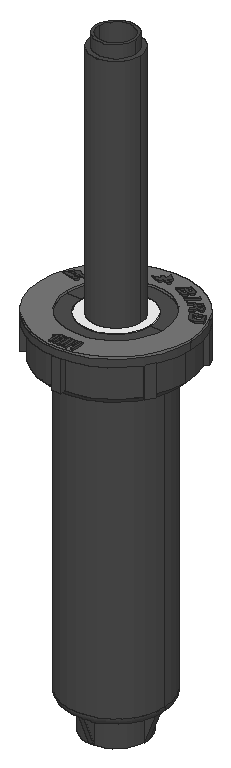
Revit family "Spray Bodies RD1800 Series", category Acessórios do tubo, Revit 2020
Family settings
  Cota do conector redondo = Utilizar diâmetro
  Tipo de parte = Normal
  Número OmniClass = 23.60.30.11.14
  Título OmniClass = Pipework Fittings
  Com base no plano de trabalho = Não
  Sempre na vertical = Sim
  Corte com vazios quando carregada = Não
  Compartilhado = Não
Parameters (values of type "RD1804")
  White Plastic = White Plastic
  URL = "https://www.rainbird.com/"
  SupportProjetos: Reviw Date = "15/11/2020"  # constant formula
  SupportProjetos: Reviw = "R01"  # constant formula
  SupportProjetos: Level of Detail = "LOD 300"  # constant formula
  SupportProjetos: Developed = "MICHEL SOARES MOTA"  # constant formula
  SupportProjetos: Creation Date = "13/07/2020"  # constant formula
  Side inlet = Model > 1805  # no
  RainBird: Product Link = "https://store.rainbird.com/sprinklers/spray-heads.html?sprays_sprayheadseries=117"
  RainBird: Description = "Spray Bodies Serie RD1800 - Model RD1804"
  RainBird: Comment [instance] = ""
  RT = 0.3015 cm
  RN = 1 cm
  R5 = 1 cm
  R4 = 1.25 cm
  R3 = 2 cm
  R2 = 2.85 cm
  R1 = 1 cm
  R-VAN = yes
  Pop up height = 10.2 cm
  Pop up on [instance] = yes
  Modelo = "RD1804"
  Model = 1804
  H1 = Body height / 3  # 5.0667 cm
  Elevação padrão = 0 cm
  Descrição = RainBird: Description  # "Spray Bodies Serie RD1800 - Model RD1804"
  DT8 = 0.08 cm
  DT7 = 3.05 cm
  DT6 = 2 cm
  DT5 = 0.12 cm
  DT4 = 0.5 cm
  DT3 = 0.7973 cm
  DT2 = 1 cm
  DT1 = 1.4 cm
  DD9 = 1.3673 cm
  DD8 [instance] = if(Pop up on, Pop up height, 0 cm)  # 10.2 cm
  DD7 = 0.6 cm
  DD6 = 0.3 cm
  DD5 = 0.2 cm
  DD3 = 1.8 cm
  DD2 = 0.5 cm
  DD13 = 1.5 cm
  DD12 [instance] = if(Pop up on, Pop up height + 1.51 cm, 0 cm)  # 11.71 cm
  DD11 = 0.2 cm
  DD10 = 2.7818 cm
  DD1 = 1.2 cm
  Conection = 1.91 cm  # constant formula
  Body height = 15.2 cm
  Black Plastic 2 = Black Plastic 2
  Black Plastic = Black Plastic
  Arch Angle [instance] = 180.00°
  AA1 = 135.00°
  1812 = no
  1806 = no
  1804 = yes
  180 = yes
Reference planes (cm)
  plane 1 "Centro (Frente/Trás)": y = 0
  plane 2: z = 0
  plane 3 "Centro (Esquerda/Direita)": x = 0
  plane 4: z = 0.12
  plane 5: z = 0.08
  plane 6: y = -2
Forms (cm)
  Revolve 1, solid, material "Black Plastic" <- "Black Plastic"
    sketch origin (0, 0, 0) x (1, 0, 0) y (0, 0, 1)
      loop
        line (2.85, -1.5672) -> (2.85, -0.3) -> (3.05, -0.3) -> (3.05, 0) -> (1.4, 0) -> (1.4, -1) -> (1, -1) -> (1, -10.2) -> (0.6, -10.2) -> (0.6, -14) -> (1, -14) -> (1, -15.2) -> (1.25, -15.2) -> (1.25, -14) -> (1.6985, -14)
        arc (1.6985, -14) -> (1.9117, -13.9117) -> (2, -13.6985) r 0.3015
        line (2, -13.6985) -> (2, -2.1015)
        arc (2, -2.1015) -> (2.0883, -1.8883) -> (2.3015, -1.8) r 0.3015
        line (2.3015, -1.8) -> (2.6172, -1.8) -> (2.85, -1.5672)
      axis (0, -15.2) -> (0, 0)
    angle from 0 to 360
  Extrusion 2, solid, material "Black Plastic" <- "Black Plastic"
    sketch origin (0, 0, 0) x (1, 0, 0) y (0, 1, 0)
      loop
        circle (0, 0) r 1
    from -10.2 to 10.2
  Extrusion 3, void
    sketch origin (0, 0, 0) x (1, 0, 0) y (0, 1, 0)
      loop
        circle (0, 0) r 1
      loop
        circle (0, 0) r 0.7973
    from 9.7 to 10.2
  Extrusion 4, solid, material "Black Plastic" <- "Black Plastic", visible <- "180"
    sketch origin (0, -2.5, 0) x (1, 0, 0) y (0, 1, 0)
      loop
        line (-2.231, 3.2135) -> (-2.1644, 3.3339) -> (-2.3679, 3.3844) -> (-2.2992, 3.5085) -> (-2.0365, 3.4904) -> (-1.9715, 3.608) -> (-2.2887, 3.6298) -> (-2.4263, 3.706) -> (-2.6398, 3.6445) -> (-2.8298, 3.3622) -> (-2.231, 3.2135)
      loop
        line (-2.6663, 3.4585) -> (-2.4339, 3.4008) -> (-2.3526, 3.5478) -> (-2.4178, 3.6107) -> (-2.5587, 3.5701) -> (-2.6663, 3.4585)
      loop
        line (-1.9163, 3.7039) -> (-1.8175, 3.8064) -> (-1.8808, 3.8933) -> (-1.7232, 4.0568) -> (-1.6371, 4.0092) -> (-1.5763, 4.1193) -> (-2.1283, 4.1963) -> (-2.2118, 4.1098) -> (-1.9163, 3.7039)
      loop
        line (-2.0723, 4.0915) -> (-1.9537, 3.9286) -> (-1.8139, 4.0736) -> (-2.0723, 4.0915)
      loop
        line (-1.8177, 4.5186) -> (-1.3486, 4.2146) -> (-1.2727, 4.2934) -> (-1.7417, 4.5974) -> (-1.8177, 4.5186)
      loop
        line (-1.1151, 4.372) -> (-1.0305, 4.4599) -> (-1.2636, 4.6846) -> (-0.7593, 4.6142) -> (-0.6667, 4.7103) -> (-1.0803, 5.0567) -> (-1.1605, 4.9984) -> (-0.8466, 4.7354) -> (-1.4131, 4.8145) -> (-1.5049, 4.7477) -> (-1.1151, 4.372)
      loop
        line (-0.4562, 4.9237) -> (-0.283, 4.8466) -> (-0.0843, 4.7934) -> (0, 4.9138) -> (0.2358, 4.8722) -> (0.2981, 4.9345) -> (0.116, 5.0156) -> (0.2085, 5.1477) -> (-0.0336, 5.3172) -> (-0.0336, 5.1849) -> (-0.0336, 5.0821) -> (-0.1724, 5.1439) -> (-0.2428, 5.1033) -> (-0.1476, 5.0081) -> (-0.274, 4.9621) -> (-0.4562, 4.9237)
      loop
        line (0.6147, 4.7728) -> (0.9327, 4.5929) -> (1.0885, 4.5721) -> (1.1808, 4.6694) -> (1.1317, 4.7723) -> (1.2619, 4.7549) -> (1.334, 4.8309) -> (1.2754, 4.9539) -> (0.9573, 5.1338) -> (0.6147, 4.7728)
      loop
        line (0.8462, 4.8897) -> (0.7501, 4.7884) -> (0.9556, 4.6722) -> (1.0744, 4.6732) -> (1.0734, 4.7801) -> (0.8462, 4.8897)
      loop
        line (0.9989, 5.0507) -> (0.9222, 4.9699) -> (1.1173, 4.8595) -> (1.2037, 4.8602) -> (1.1883, 4.9435) -> (0.9989, 5.0507)
      loop
        line (1.2199, 4.4305) -> (1.3171, 4.3754) -> (1.7079, 4.7092) -> (1.6106, 4.7642) -> (1.2199, 4.4305)
      loop
        line (1.9335, 4.5079) -> (1.472, 4.2878) -> (1.5637, 4.2008) -> (1.7245, 4.2775) -> (1.8813, 4.1484) -> (1.7689, 4.0299) -> (1.857, 3.9063) -> (1.985, 3.9976) -> (2.0031, 4.1334) -> (2.1114, 4.0951) -> (2.2369, 4.155) -> (2.156, 4.3246) -> (1.9335, 4.5079)
      loop
        line (1.9261, 4.4053) -> (1.8225, 4.3559) -> (1.9436, 4.2141) -> (2.1112, 4.2155) -> (2.0556, 4.3321) -> (1.9261, 4.4053)
      loop
        line (1.9557, 3.8215) -> (2.1968, 3.4836) -> (2.3925, 3.4143) -> (2.7137, 3.5675) -> (2.6804, 3.6964) -> (2.4921, 3.9603) -> (1.9557, 3.8215)
      loop
        line (2.1302, 3.7523) -> (2.2577, 3.5736) -> (2.4889, 3.5756) -> (2.5959, 3.652) -> (2.4629, 3.8384) -> (2.1302, 3.7523)
      loop
        line (-0.516, -0.0627) -> (-0.4245, -0.0627) -> (-0.4245, -0.3834) -> (-0.3366, -0.3834) -> (-0.3366, 0.1166) -> (-0.516, -0.0627)
      loop
        line (-0.2745, 0.1165) -> (-0.2745, -0.3834) -> (-0.0345, -0.3834) -> (-0.0345, 0.1165) -> (-0.2745, 0.1165)
      loop
        line (-0.1945, 0.0365) -> (-0.1945, -0.0861) -> (-0.1145, -0.0861) -> (-0.1145, 0.0365) -> (-0.1945, 0.0365)
      loop
        line (-0.1945, -0.1661) -> (-0.1945, -0.3034) -> (-0.1145, -0.3034) -> (-0.1145, -0.1661) -> (-0.1945, -0.1661)
      loop
        line (0.0395, 0.1165) -> (0.0395, -0.3834) -> (0.2795, -0.3834) -> (0.2795, 0.1165) -> (0.0395, 0.1165)
      loop
        line (0.1195, 0.0365) -> (0.1195, -0.3034) -> (0.1995, -0.3034) -> (0.1995, 0.0365) -> (0.1195, 0.0365)
    from 0 to 0.12
  Extrusion 5, solid, material "Black Plastic 2" <- "Black Plastic 2"
    sketch origin (0, 0, 0) x (1, 0, 0) y (0, 1, 0)
      loop
        circle (0, 0) r 3.05
      loop
        circle (0, 0) r 2
    from 0 to 0.08
  Extrusion 6, solid, material "Black Plastic" <- "Black Plastic", visible <- "Side inlet"
    sketch origin (0, 0, 0) x (1, 0, 0) y (0, 0, 1)
      loop
        circle (0, -5.0667) r 1
    from 2 to 3.3673
  Extrusion 7, solid, material "Black Plastic" <- "Black Plastic", visible <- "Side inlet"
    sketch origin (0, 0, 0) x (1, 0, 0) y (0, 0, 1)
      loop
        circle (0, -5.0667) r 0.7964
    from 3.3673 to 3.8673
  Extrusion 8, void
    sketch origin (0, 0, 0) x (1, 0, 0) y (0, 1, 0)
      loop
        circle (0, 0) r 0.6963
    from -10.2 to 10.2
  Extrusion 9, solid, material "Black Plastic" <- "Black Plastic"
    sketch origin (0, 0, 0) x (0, 1, 0) y (0, 0, 1)
      loop
        line (1.25, -14) -> (1.25, -15.2) -> (1.75, -14) -> (1.25, -14)
      loop
        line (-1.25, -14) -> (-1.75, -14) -> (-1.25, -15.2) -> (-1.25, -14)
    from -0.1 to 0.1
  Extrusion 10, solid, material "Black Plastic" <- "Black Plastic"
    sketch origin (0, 0, 0) x (-1, 0, 0) y (0, 0, 1)
      loop
        line (1.25, -14) -> (1.25, -15.2) -> (1.75, -14) -> (1.25, -14)
      loop
        line (-1.25, -14) -> (-1.75, -14) -> (-1.25, -15.2) -> (-1.25, -14)
    from -0.1 to 0.1
  Extrusion 11, solid, material "Black Plastic" <- "Black Plastic", visible <- "1804"
    sketch origin (0.5778, -2.5, 0) x (1, 0, 0) y (0, 1, 0)
      loop
        line (-0.268, -0.156) -> (-0.108, -0.156) -> (-0.108, -0.3834) -> (-0.024, -0.3834) -> (-0.024, 0.1165) -> (-0.108, 0.1165) -> (-0.108, -0.0861) -> (-0.188, -0.0861) -> (-0.188, 0.1165) -> (-0.268, 0.1165) -> (-0.268, -0.156)
    from 0 to 0.12
  Extrusion 12, solid, material "Black Plastic" <- "Black Plastic", visible <- "1806"
    sketch origin (0.5778, -2.5, 0) x (1, 0, 0) y (0, 1, 0)
      loop
        line (-0.268, -0.3834) -> (-0.024, -0.3834) -> (-0.024, -0.0861) -> (-0.188, -0.0861) -> (-0.188, 0.0365) -> (-0.024, 0.0365) -> (-0.024, 0.1165) -> (-0.268, 0.1165) -> (-0.268, -0.3834)
      loop
        line (-0.188, -0.1661) -> (-0.188, -0.3034) -> (-0.108, -0.3034) -> (-0.108, -0.1661) -> (-0.188, -0.1661)
    from 0 to 0.12
  Extrusion 13, solid, material "Black Plastic" <- "Black Plastic", visible <- "1812"
    sketch origin (0, -2.5, 0) x (1, 0, 0) y (0, 1, 0)
      loop
        line (-2.231, 3.2135) -> (-2.1644, 3.3339) -> (-2.3679, 3.3844) -> (-2.2992, 3.5085) -> (-2.0365, 3.4904) -> (-1.9715, 3.608) -> (-2.2887, 3.6298) -> (-2.4263, 3.706) -> (-2.6398, 3.6445) -> (-2.8298, 3.3622) -> (-2.231, 3.2135)
      loop
        line (-2.6663, 3.4585) -> (-2.4339, 3.4008) -> (-2.3526, 3.5478) -> (-2.4178, 3.6107) -> (-2.5587, 3.5701) -> (-2.6663, 3.4585)
      loop
        line (-1.9163, 3.7039) -> (-1.8175, 3.8064) -> (-1.8808, 3.8933) -> (-1.7232, 4.0568) -> (-1.6371, 4.0092) -> (-1.5763, 4.1193) -> (-2.1283, 4.1963) -> (-2.2118, 4.1098) -> (-1.9163, 3.7039)
      loop
        line (-2.0723, 4.0915) -> (-1.9537, 3.9286) -> (-1.8139, 4.0736) -> (-2.0723, 4.0915)
      loop
        line (-1.8177, 4.5186) -> (-1.3486, 4.2146) -> (-1.2727, 4.2934) -> (-1.7417, 4.5974) -> (-1.8177, 4.5186)
      loop
        line (-1.1151, 4.372) -> (-1.0305, 4.4599) -> (-1.2636, 4.6846) -> (-0.7593, 4.6142) -> (-0.6667, 4.7103) -> (-1.0803, 5.0567) -> (-1.1605, 4.9984) -> (-0.8466, 4.7354) -> (-1.4131, 4.8145) -> (-1.5049, 4.7477) -> (-1.1151, 4.372)
      loop
        line (-0.4562, 4.9237) -> (-0.283, 4.8466) -> (-0.0843, 4.7934) -> (0, 4.9138) -> (0.2358, 4.8722) -> (0.2981, 4.9345) -> (0.116, 5.0156) -> (0.2085, 5.1477) -> (-0.0336, 5.3172) -> (-0.0336, 5.1849) -> (-0.0336, 5.0821) -> (-0.1724, 5.1439) -> (-0.2428, 5.1033) -> (-0.1476, 5.0081) -> (-0.274, 4.9621) -> (-0.4562, 4.9237)
      loop
        line (0.6147, 4.7728) -> (0.9327, 4.5929) -> (1.0885, 4.5721) -> (1.1808, 4.6694) -> (1.1317, 4.7723) -> (1.2619, 4.7549) -> (1.334, 4.8309) -> (1.2754, 4.9539) -> (0.9573, 5.1338) -> (0.6147, 4.7728)
      loop
        line (0.8462, 4.8897) -> (0.7501, 4.7884) -> (0.9556, 4.6722) -> (1.0744, 4.6732) -> (1.0734, 4.7801) -> (0.8462, 4.8897)
      loop
        line (0.9989, 5.0507) -> (0.9222, 4.9699) -> (1.1173, 4.8595) -> (1.2037, 4.8602) -> (1.1883, 4.9435) -> (0.9989, 5.0507)
      loop
        line (1.2199, 4.4305) -> (1.3171, 4.3754) -> (1.7079, 4.7092) -> (1.6106, 4.7642) -> (1.2199, 4.4305)
      loop
        line (1.9335, 4.5079) -> (1.472, 4.2878) -> (1.5637, 4.2008) -> (1.7245, 4.2775) -> (1.8813, 4.1484) -> (1.7689, 4.0299) -> (1.857, 3.9063) -> (1.985, 3.9976) -> (2.0031, 4.1334) -> (2.1114, 4.0951) -> (2.2369, 4.155) -> (2.156, 4.3246) -> (1.9335, 4.5079)
      loop
        line (1.9261, 4.4053) -> (1.8225, 4.3559) -> (1.9436, 4.2141) -> (2.1112, 4.2155) -> (2.0556, 4.3321) -> (1.9261, 4.4053)
      loop
        line (1.9557, 3.8215) -> (2.1968, 3.4836) -> (2.3925, 3.4143) -> (2.7137, 3.5675) -> (2.6804, 3.6964) -> (2.4921, 3.9603) -> (1.9557, 3.8215)
      loop
        line (2.1302, 3.7523) -> (2.2577, 3.5736) -> (2.4889, 3.5756) -> (2.5959, 3.652) -> (2.4629, 3.8384) -> (2.1302, 3.7523)
      loop
        line (-0.516, -0.0625) -> (-0.4245, -0.0625) -> (-0.4245, -0.3832) -> (-0.3366, -0.3832) -> (-0.3366, 0.1168) -> (-0.516, -0.0625)
      loop
        line (-0.2745, 0.1166) -> (-0.2745, -0.3832) -> (-0.0345, -0.3832) -> (-0.0345, 0.1166) -> (-0.2745, 0.1166)
      loop
        line (-0.1945, 0.0366) -> (-0.1945, -0.086) -> (-0.1145, -0.086) -> (-0.1145, 0.0366) -> (-0.1945, 0.0366)
      loop
        line (-0.1945, -0.166) -> (-0.1945, -0.3032) -> (-0.1145, -0.3032) -> (-0.1145, -0.166) -> (-0.1945, -0.166)
      loop
        line (0.2795, 0.1166) -> (0.1002, -0.0625) -> (0.1916, -0.0625) -> (0.1916, -0.3831) -> (0.2795, -0.3831) -> (0.2795, 0.1166)
      loop
        line (0.3097, 0.1165) -> (0.3097, 0.0365) -> (0.4697, 0.0365) -> (0.4697, -0.0861) -> (0.3097, -0.0861) -> (0.3097, -0.3834) -> (0.5537, -0.3834) -> (0.5537, -0.3032) -> (0.3897, -0.3032) -> (0.3897, -0.1664) -> (0.5537, -0.1664) -> (0.5537, 0.1165) -> (0.3097, 0.1165)
    from 0 to 0.12
  Extrusion 14, solid, material "Black Plastic" <- "Black Plastic"
    sketch origin (0, 0, 0) x (1, 0, 0) y (0, 1, 0)
      loop
        line (-0.1873, 3.0442) -> (-0.1873, 2.8126)
        arc (-0.1873, 2.8126) -> (0, 2.8188) -> (0.1873, 2.8126) r 2.8188
        line (0.1873, 2.8126) -> (0.1873, 3.0442)
        arc (0.1873, 3.0442) -> (0, 3.05) -> (-0.1873, 3.0442) r 3.05
      loop
        arc (-0.1873, -3.0442) -> (0, -3.05) -> (0.1873, -3.0442) r 3.05
        line (0.1873, -3.0442) -> (0.1873, -2.8126)
        arc (0.1873, -2.8126) -> (0, -2.8188) -> (-0.1873, -2.8126) r 2.8188
        line (-0.1873, -2.8126) -> (-0.1873, -3.0442)
      loop
        line (-2.73, 1.3599) -> (-2.5294, 1.2441)
        arc (-2.5294, 1.2441) -> (-2.4411, 1.4094) -> (-2.3421, 1.5685) r 2.8188
        line (-2.3421, 1.5685) -> (-2.5427, 1.6843)
        arc (-2.5427, 1.6843) -> (-2.6414, 1.525) -> (-2.73, 1.3599) r 3.05
      loop
        arc (2.5427, -1.6843) -> (2.6414, -1.525) -> (2.73, -1.3599) r 3.05
        line (2.73, -1.3599) -> (2.5294, -1.2441)
        arc (2.5294, -1.2441) -> (2.4411, -1.4094) -> (2.3421, -1.5685) r 2.8188
        line (2.3421, -1.5685) -> (2.5427, -1.6843)
      loop
        line (-2.5427, -1.6843) -> (-2.3421, -1.5685)
        arc (-2.3421, -1.5685) -> (-2.4411, -1.4094) -> (-2.5294, -1.2441) r 2.8188
        line (-2.5294, -1.2441) -> (-2.73, -1.3599)
        arc (-2.73, -1.3599) -> (-2.6414, -1.525) -> (-2.5427, -1.6843) r 3.05
      loop
        arc (2.73, 1.3599) -> (2.6414, 1.525) -> (2.5427, 1.6843) r 3.05
        line (2.5427, 1.6843) -> (2.3421, 1.5685)
        arc (2.3421, 1.5685) -> (2.4411, 1.4094) -> (2.5294, 1.2441) r 2.8188
        line (2.5294, 1.2441) -> (2.73, 1.3599)
    from -1.5672 to -0.3
Cuts and joins
  Extrusion 3, Extrusion 8 cuts Extrusion 2
Dimensions and locks (cm)
  "Body height": level to Revolve 1 sketch curve
  "R2": Revolve 1 sketch curve to plane 3 "Centro (Esquerda/Direita)"
  "DD1": Revolve 1 sketch curve to Revolve 1 sketch curve
  "DD3": level to Revolve 1 sketch curve
  "R3": Revolve 1 sketch curve to plane 3 "Centro (Esquerda/Direita)"
  "R4": Revolve 1 sketch curve to plane 3 "Centro (Esquerda/Direita)"
  "DD5": Revolve 1 sketch curve to Revolve 1 sketch curve
  "DD6": level to Revolve 1 sketch curve
  "RN": Revolve 1 sketch curve to plane 3 "Centro (Esquerda/Direita)"
  "Pop up height": level to Revolve 1 sketch curve
  "R5": plane 3 "Centro (Esquerda/Direita)" to Revolve 1 sketch curve
  "DD7": Revolve 1 sketch curve to plane 3 "Centro (Esquerda/Direita)"
  "DT1": plane 3 "Centro (Esquerda/Direita)" to Revolve 1 sketch curve
  "DT2": level to Revolve 1 sketch curve
  "DD8": Extrusion 2 to level
  "DT4": cut or joined group of Extrusion 2, Extrusion 3, Extrusion 8 to cut or joined group of Extrusion 2, Extrusion 3, Extrusion 8
  "DT5": plane 4 to level
  "DT8": plane 5 to level
  "H1": level to Extrusion 6 sketch curve
  "R3": plane 6 to plane 1 "Centro (Frente/Trás)"
  "DD9": Extrusion 6 to plane 6
  locked: Extrusion 7 to Extrusion 6 at 0.5
  "H1": level to Extrusion 7 sketch curve
  equal spacing: Extrusion 9, plane 3 "Centro (Esquerda/Direita)", Extrusion 9
  "DD11": Extrusion 9 to Extrusion 9
  equal spacing: Extrusion 10, plane 1 "Centro (Frente/Trás)", Extrusion 10
  "DD11": Extrusion 10 to Extrusion 10
  plane 3 "Centro (Esquerda/Direita)" to Extrusion 14 = 0.1873 cm
  "RT": radius of Revolve 1 sketch curve  (x2)
  "R1": radius of Extrusion 2 sketch curve
  "R1": radius of Extrusion 3 sketch curve
  "DT3": radius of Extrusion 3 sketch curve
  "DT6": radius of Extrusion 5 sketch curve
  "DT7": radius of Extrusion 5 sketch curve
  "AA1": angle Revolve 1 sketch curve to Revolve 1 sketch curve
  aligned and locked: level to plane 2
  aligned and locked: level to Revolve 1 sketch curve
  aligned and locked: Revolve 1 sketch curve to Revolve 1 sketch curve
  aligned and locked: Extrusion 2 to Revolve 1
  aligned and locked: cut or joined group of Extrusion 2, Extrusion 3, Extrusion 8 to cut or joined group of Extrusion 2, Extrusion 3, Extrusion 8  (x3)
  aligned and locked: Extrusion 4 to level
  aligned and locked: plane 4 to Extrusion 4
  aligned and locked: Extrusion 5 to level
  aligned and locked: plane 5 to Extrusion 5
  aligned and locked: plane 6 to Extrusion 6
  aligned and locked: Extrusion 7 to Extrusion 6
  aligned and locked: Extrusion 9 to Revolve 1
  aligned and locked: Extrusion 10 to Revolve 1
  aligned and locked: Revolve 1 to Extrusion 10
  aligned and locked: Revolve 1 to Extrusion 9
  aligned and locked: Revolve 1 to Extrusion 14  (x2)
Automatic sketch dimensions
  plane 1 "Centro (Frente/Trás)" to Extrusion 2 sketch curve = 0 cm
  Extrusion 2 sketch curve to plane 3 "Centro (Esquerda/Direita)" = 0 cm
  Extrusion 4 sketch curve to plane 3 "Centro (Esquerda/Direita)" = 0 cm
  Extrusion 4 sketch curve to plane 3 "Centro (Esquerda/Direita)" = 0.0336 cm
  Extrusion 4 sketch curve to plane 3 "Centro (Esquerda/Direita)" = 0.0345 cm
  Extrusion 4 sketch curve to plane 3 "Centro (Esquerda/Direita)" = 0.0843 cm
  Extrusion 4 sketch curve to plane 3 "Centro (Esquerda/Direita)" = 0.1145 cm
  Extrusion 4 sketch curve to Extrusion 4 sketch curve = 0.08 cm  (x11)
  Extrusion 4 sketch curve to Extrusion 4 sketch curve = 0.114 cm
  Extrusion 4 sketch curve to Extrusion 4 sketch curve = 0.0248 cm
  Extrusion 4 sketch curve to Extrusion 4 sketch curve = 0.0704 cm
  Extrusion 4 sketch curve to Extrusion 4 sketch curve = 0.1264 cm
  Extrusion 4 sketch curve to Extrusion 4 sketch curve = 0.009 cm
  Extrusion 4 sketch curve to Extrusion 4 sketch curve = 0.0622 cm  (x3)
  Extrusion 4 sketch curve to Extrusion 4 sketch curve = 0.0879 cm
  Extrusion 4 sketch curve to Extrusion 4 sketch curve = 0.1822 cm
  Extrusion 4 sketch curve to Extrusion 4 sketch curve = 0.0914 cm
  Extrusion 4 sketch curve to Extrusion 4 sketch curve = 0.2105 cm
  Extrusion 4 sketch curve to Extrusion 4 sketch curve = 0.0927 cm
  Extrusion 4 sketch curve to Extrusion 4 sketch curve = 0.0872 cm  (x2)
  Extrusion 4 sketch curve to Extrusion 4 sketch curve = 0.2711 cm
  Extrusion 4 sketch curve to Extrusion 4 sketch curve = 0.2338 cm
  Extrusion 4 sketch curve to Extrusion 4 sketch curve = 0.0847 cm  (x2)
  Extrusion 4 sketch curve to Extrusion 4 sketch curve = 0.0802 cm
  Extrusion 4 sketch curve to Extrusion 4 sketch curve = 0.2331 cm
  Extrusion 4 sketch curve to Extrusion 4 sketch curve = 0.1575 cm
  Extrusion 4 sketch curve to Extrusion 4 sketch curve = 0.0759 cm  (x2)
  Extrusion 4 sketch curve to Extrusion 4 sketch curve = 0.1495 cm
  Extrusion 4 sketch curve to Extrusion 4 sketch curve = 0.0917 cm  (x2)
  Extrusion 4 sketch curve to Extrusion 4 sketch curve = 0.2277 cm
  Extrusion 4 sketch curve to Extrusion 4 sketch curve = 0.0609 cm  (x2)
  Extrusion 4 sketch curve to Extrusion 4 sketch curve = 0.0861 cm
  Extrusion 4 sketch curve to Extrusion 4 sketch curve = 0.2369 cm
  Extrusion 4 sketch curve to Extrusion 4 sketch curve = 0.0907 cm
  Extrusion 4 sketch curve to Extrusion 4 sketch curve = 0.0037 cm
  Extrusion 4 sketch curve to Extrusion 4 sketch curve = 0.0633 cm
  Extrusion 4 sketch curve to Extrusion 4 sketch curve = 0.0988 cm
  Extrusion 4 sketch curve to Extrusion 4 sketch curve = 0.0729 cm
  Extrusion 4 sketch curve to Extrusion 4 sketch curve = 0.0551 cm
  Extrusion 4 sketch curve to plane 1 "Centro (Frente/Trás)" = 0.9904 cm
  Extrusion 4 sketch curve to Extrusion 4 sketch curve = 0.065 cm
  Extrusion 4 sketch curve to Extrusion 4 sketch curve = 0.1186 cm
  Extrusion 4 sketch curve to Extrusion 4 sketch curve = 0.056 cm
  Extrusion 4 sketch curve to plane 1 "Centro (Frente/Trás)" = 0.8339 cm
  Extrusion 4 sketch curve to Extrusion 4 sketch curve = 0.1279 cm
  Extrusion 4 sketch curve to Extrusion 4 sketch curve = 0.0835 cm
  Extrusion 4 sketch curve to plane 1 "Centro (Frente/Trás)" = 0.7135 cm
  Extrusion 4 sketch curve to Extrusion 4 sketch curve = 0.0666 cm  (x2)
  Extrusion 4 sketch curve to plane 1 "Centro (Frente/Trás)" = 1.1298 cm
  Extrusion 4 sketch curve to Extrusion 4 sketch curve = 0.2521 cm
  Extrusion 4 sketch curve to plane 1 "Centro (Frente/Trás)" = 1.0085 cm
  Extrusion 4 sketch curve to Extrusion 4 sketch curve = 0.0106 cm
  Extrusion 4 sketch curve to plane 1 "Centro (Frente/Trás)" = 1.0478 cm
  Extrusion 4 sketch curve to Extrusion 4 sketch curve = 0.0534 cm
  Extrusion 4 sketch curve to plane 1 "Centro (Frente/Trás)" = 0.8844 cm
  Extrusion 4 sketch curve to Extrusion 4 sketch curve = 0.0686 cm
  Extrusion 4 sketch curve to plane 1 "Centro (Frente/Trás)" = 1.1107 cm
  Extrusion 4 sketch curve to Extrusion 4 sketch curve = 0.0652 cm
  Extrusion 4 sketch curve to plane 1 "Centro (Frente/Trás)" = 1.206 cm
  Extrusion 4 sketch curve to Extrusion 4 sketch curve = 0.0084 cm
  Extrusion 4 sketch curve to plane 1 "Centro (Frente/Trás)" = 0.9008 cm
  Extrusion 4 sketch curve to Extrusion 4 sketch curve = 0.066 cm
  Extrusion 4 sketch curve to plane 1 "Centro (Frente/Trás)" = 1.0701 cm
  Extrusion 4 sketch curve to Extrusion 4 sketch curve = 0.1408 cm
  Extrusion 4 sketch curve to plane 1 "Centro (Frente/Trás)" = 1.1445 cm
  Extrusion 4 sketch curve to Extrusion 4 sketch curve = 0.0811 cm  (x2)
  Extrusion 4 sketch curve to plane 1 "Centro (Frente/Trás)" = 0.9585 cm
  Extrusion 4 sketch curve to Extrusion 4 sketch curve = 0.1076 cm
  Extrusion 4 sketch curve to plane 1 "Centro (Frente/Trás)" = 0.8622 cm
  Extrusion 4 sketch curve to Extrusion 4 sketch curve = 0.1635 cm
  plane 3 "Centro (Esquerda/Direita)" to Extrusion 4 sketch curve = 0.0395 cm
  plane 3 "Centro (Esquerda/Direita)" to Extrusion 4 sketch curve = 0.116 cm
  Extrusion 4 sketch curve to Extrusion 4 sketch curve = 0.0925 cm
  Extrusion 4 sketch curve to Extrusion 4 sketch curve = 0.1199 cm
  Extrusion 4 sketch curve to Extrusion 4 sketch curve = 0.3166 cm
  Extrusion 4 sketch curve to Extrusion 4 sketch curve = 0.1353 cm
  Extrusion 4 sketch curve to Extrusion 4 sketch curve = 0.0961 cm  (x2)
  Extrusion 4 sketch curve to Extrusion 4 sketch curve = 0.076 cm  (x2)
  Extrusion 4 sketch curve to Extrusion 4 sketch curve = 0.1827 cm
  Extrusion 4 sketch curve to Extrusion 4 sketch curve = 0.0229 cm
  Extrusion 4 sketch curve to Extrusion 4 sketch curve = 0.0351 cm
  Extrusion 4 sketch curve to Extrusion 4 sketch curve = 0.0416 cm
  Extrusion 4 sketch curve to Extrusion 4 sketch curve = 0.1178 cm
  Extrusion 4 sketch curve to Extrusion 4 sketch curve = 0.0009 cm
  Extrusion 4 sketch curve to Extrusion 4 sketch curve = 0.0141 cm
  Extrusion 4 sketch curve to Extrusion 4 sketch curve = 0.0439 cm
  Extrusion 4 sketch curve to Extrusion 4 sketch curve = 0.0583 cm
  Extrusion 4 sketch curve to Extrusion 4 sketch curve = 0.1064 cm
  Extrusion 4 sketch curve to Extrusion 4 sketch curve = 0.071 cm
  Extrusion 4 sketch curve to Extrusion 4 sketch curve = 0.0154 cm
  Extrusion 4 sketch curve to Extrusion 4 sketch curve = 0.1314 cm
  Extrusion 4 sketch curve to Extrusion 4 sketch curve = 0.0871 cm
  Extrusion 4 sketch curve to Extrusion 4 sketch curve = 0.0973 cm  (x3)
  Extrusion 4 sketch curve to Extrusion 4 sketch curve = 0.0721 cm
  Extrusion 4 sketch curve to Extrusion 4 sketch curve = 0.1549 cm
  Extrusion 4 sketch curve to Extrusion 4 sketch curve = 0.2766 cm
  Extrusion 4 sketch curve to Extrusion 4 sketch curve = 0.1608 cm
  Extrusion 4 sketch curve to Extrusion 4 sketch curve = 0.0443 cm
  Extrusion 4 sketch curve to Extrusion 4 sketch curve = 0.098 cm
  Extrusion 4 sketch curve to Extrusion 4 sketch curve = 0.0882 cm
  Extrusion 4 sketch curve to Extrusion 4 sketch curve = 0.1125 cm
  Extrusion 4 sketch curve to Extrusion 4 sketch curve = 0.1036 cm
  Extrusion 4 sketch curve to Extrusion 4 sketch curve = 0.0073 cm
  Extrusion 4 sketch curve to Extrusion 4 sketch curve = 0.0623 cm
  Extrusion 4 sketch curve to Extrusion 4 sketch curve = 0.0987 cm
  Extrusion 4 sketch curve to Extrusion 4 sketch curve = 0.128 cm
  Extrusion 4 sketch curve to Extrusion 4 sketch curve = 0.0595 cm
  Extrusion 4 sketch curve to Extrusion 4 sketch curve = 0.1295 cm
  Extrusion 4 sketch curve to Extrusion 4 sketch curve = 0.0556 cm
  Extrusion 4 sketch curve to Extrusion 4 sketch curve = 0.1083 cm
  Extrusion 4 sketch curve to Extrusion 4 sketch curve = 0.1745 cm
  Extrusion 4 sketch curve to Extrusion 4 sketch curve = 0.1004 cm
  Extrusion 4 sketch curve to plane 1 "Centro (Frente/Trás)" = 0.9836 cm
  Extrusion 4 sketch curve to Extrusion 4 sketch curve = 0.1255 cm
  Extrusion 4 sketch curve to plane 1 "Centro (Frente/Trás)" = 1.0736 cm
  Extrusion 4 sketch curve to plane 1 "Centro (Frente/Trás)" = 0.9143 cm
  Extrusion 4 sketch curve to Extrusion 4 sketch curve = 0.1957 cm
  Extrusion 4 sketch curve to Extrusion 4 sketch curve = 0.2053 cm
  Extrusion 4 sketch curve to plane 1 "Centro (Frente/Trás)" = 1.0756 cm
  Extrusion 4 sketch curve to Extrusion 4 sketch curve = 0.0964 cm
  Extrusion 4 sketch curve to Extrusion 4 sketch curve = 0.0292 cm
  Extrusion 4 sketch curve to plane 1 "Centro (Frente/Trás)" = 1.152 cm
  Extrusion 4 sketch curve to Extrusion 4 sketch curve = 0.107 cm
  Extrusion 4 sketch curve to plane 1 "Centro (Frente/Trás)" = 1.1964 cm
  Extrusion 4 sketch curve to Extrusion 4 sketch curve = 0.0844 cm
  Extrusion 4 sketch curve to plane 1 "Centro (Frente/Trás)" = 1.0675 cm
  Extrusion 4 sketch curve to Extrusion 4 sketch curve = 0.0333 cm
  Extrusion 4 sketch curve to plane 6 = 0.3834 cm
  Extrusion 4 sketch curve to Extrusion 4 sketch curve = 0.0001 cm
  Extrusion 4 sketch curve to Extrusion 4 sketch curve = 0 cm  (x4)
  Extrusion 4 sketch curve to Extrusion 4 sketch curve = 0.1793 cm
  Extrusion 4 sketch curve to Extrusion 4 sketch curve = 0.1226 cm
  Extrusion 4 sketch curve to Extrusion 4 sketch curve = 0.1372 cm
  Extrusion 4 sketch curve to Extrusion 4 sketch curve = 0.1176 cm
  Extrusion 4 sketch curve to Extrusion 4 sketch curve = 0.096 cm
  Extrusion 4 sketch curve to Extrusion 4 sketch curve = 0.1787 cm
  Extrusion 4 sketch curve to Extrusion 4 sketch curve = 0.1025 cm
  Extrusion 4 sketch curve to Extrusion 4 sketch curve = 0.0692 cm
  Extrusion 4 sketch curve to Extrusion 4 sketch curve = 0.0869 cm
  Extrusion 4 sketch curve to Extrusion 4 sketch curve = 0.0353 cm
  Extrusion 4 sketch curve to Extrusion 4 sketch curve = 0.1219 cm
  Extrusion 4 sketch curve to Extrusion 4 sketch curve = 0.0913 cm
  Extrusion 4 sketch curve to Extrusion 4 sketch curve = 0.1159 cm
  Extrusion 4 sketch curve to Extrusion 4 sketch curve = 0.0476 cm
  Extrusion 4 sketch curve to Extrusion 4 sketch curve = 0.0168 cm
  Extrusion 4 sketch curve to Extrusion 4 sketch curve = 0.1629 cm
  Extrusion 4 sketch curve to Extrusion 4 sketch curve = 0.0975 cm
  Extrusion 4 sketch curve to Extrusion 4 sketch curve = 0.0183 cm
  Extrusion 4 sketch curve to Extrusion 4 sketch curve = 0.0383 cm
  Extrusion 4 sketch curve to Extrusion 4 sketch curve = 0.015 cm
  Extrusion 4 sketch curve to Extrusion 4 sketch curve = 0.0599 cm
  Extrusion 4 sketch curve to Extrusion 4 sketch curve = 0.1049 cm
  Extrusion 4 sketch curve to Extrusion 4 sketch curve = 0.1709 cm
  Extrusion 4 sketch curve to Extrusion 4 sketch curve = 0.0657 cm
  Extrusion 4 sketch curve to Extrusion 4 sketch curve = 0.0953 cm
  Extrusion 4 sketch curve to Extrusion 4 sketch curve = 0.1091 cm
  Extrusion 4 sketch curve to Extrusion 4 sketch curve = 0.0767 cm
  Extrusion 4 sketch curve to Extrusion 4 sketch curve = 0.087 cm
  Extrusion 4 sketch curve to Extrusion 4 sketch curve = 0.0788 cm  (x3)
  Extrusion 4 sketch curve to Extrusion 4 sketch curve = 0.0074 cm
  Extrusion 4 sketch curve to Extrusion 4 sketch curve = 0.0783 cm
  Extrusion 4 sketch curve to Extrusion 4 sketch curve = 0.0787 cm
  Extrusion 4 sketch curve to Extrusion 4 sketch curve = 0.0876 cm
  Extrusion 4 sketch curve to Extrusion 4 sketch curve = 0.0494 cm
  Extrusion 4 sketch curve to Extrusion 4 sketch curve = 0.055 cm  (x2)
  Extrusion 4 sketch curve to Extrusion 4 sketch curve = 0.0878 cm
  Extrusion 4 sketch curve to Extrusion 4 sketch curve = 0.1026 cm
  Extrusion 4 sketch curve to Extrusion 4 sketch curve = 0.2291 cm
  Extrusion 4 sketch curve to Extrusion 4 sketch curve = 0.1417 cm
  Extrusion 4 sketch curve to Extrusion 4 sketch curve = 0.0208 cm
  Extrusion 4 sketch curve to Extrusion 4 sketch curve = 0.1543 cm
  Extrusion 4 sketch curve to Extrusion 4 sketch curve = 0.0792 cm
  Extrusion 4 sketch curve to Extrusion 4 sketch curve = 0.1011 cm
  Extrusion 4 sketch curve to Extrusion 4 sketch curve = 0.2013 cm
  Extrusion 4 sketch curve to Extrusion 4 sketch curve = 0.1212 cm
  Extrusion 4 sketch curve to Extrusion 4 sketch curve = 0.0855 cm
  Extrusion 4 sketch curve to Extrusion 4 sketch curve = 0.0078 cm
  Extrusion 4 sketch curve to Extrusion 4 sketch curve = 0.1007 cm
  Extrusion 4 sketch curve to Extrusion 4 sketch curve = 0.0156 cm
  Extrusion 4 sketch curve to Extrusion 4 sketch curve = 0.0831 cm
  Extrusion 4 sketch curve to Extrusion 4 sketch curve = 0.0668 cm
  Extrusion 4 sketch curve to Extrusion 4 sketch curve = 0.0532 cm
  Extrusion 4 sketch curve to Extrusion 4 sketch curve = 0.0008 cm
  Extrusion 4 sketch curve to Extrusion 4 sketch curve = 0.1013 cm
  Extrusion 4 sketch curve to Extrusion 4 sketch curve = 0.1204 cm
  Extrusion 4 sketch curve to Extrusion 4 sketch curve = 0.0771 cm
  Extrusion 4 sketch curve to Extrusion 4 sketch curve = 0.0832 cm  (x2)
  Extrusion 4 sketch curve to Extrusion 4 sketch curve = 0.0104 cm
  Extrusion 4 sketch curve to Extrusion 4 sketch curve = 0.1155 cm
  Extrusion 4 sketch curve to Extrusion 4 sketch curve = 0.0801 cm
  Extrusion 4 sketch curve to Extrusion 4 sketch curve = 0.1839 cm
  Extrusion 4 sketch curve to Extrusion 4 sketch curve = 0.046 cm
  Extrusion 4 sketch curve to Extrusion 4 sketch curve = 0.1018 cm
  Extrusion 4 sketch curve to Extrusion 4 sketch curve = 0.0808 cm
  Extrusion 4 sketch curve to Extrusion 4 sketch curve = 0.0584 cm
  Extrusion 4 sketch curve to Extrusion 4 sketch curve = 0.074 cm
  Extrusion 4 sketch curve to Extrusion 4 sketch curve = 0.0952 cm
  Extrusion 4 sketch curve to Extrusion 4 sketch curve = 0.0406 cm
  Extrusion 4 sketch curve to Extrusion 4 sketch curve = 0.1321 cm
  Extrusion 4 sketch curve to Extrusion 4 sketch curve = 0.1028 cm
  plane 1 "Centro (Frente/Trás)" to Extrusion 8 sketch curve = 0 cm
  Extrusion 8 sketch curve to plane 3 "Centro (Esquerda/Direita)" = 0 cm
  plane 6 to Extrusion 9 sketch curve = 0.25 cm
  plane 6 to Extrusion 9 sketch curve = 0.75 cm
  Extrusion 9 sketch curve to plane 1 "Centro (Frente/Trás)" = 1.25 cm
  Extrusion 9 sketch curve to Extrusion 9 sketch curve = 0.5 cm
  Extrusion 9 sketch curve to level = 15.2 cm
  Extrusion 9 sketch curve to Extrusion 9 sketch curve = 0 cm
  Extrusion 9 sketch curve to Extrusion 9 sketch curve = 1.2 cm  (x2)
  plane 3 "Centro (Esquerda/Direita)" to Extrusion 10 sketch curve = 1.75 cm
  plane 3 "Centro (Esquerda/Direita)" to Extrusion 10 sketch curve = 1.25 cm
  Extrusion 10 sketch curve to plane 3 "Centro (Esquerda/Direita)" = 1.25 cm
  Extrusion 10 sketch curve to Extrusion 10 sketch curve = 0.5 cm
  Extrusion 10 sketch curve to level = 15.2 cm
  Extrusion 10 sketch curve to Extrusion 10 sketch curve = 0 cm
  Extrusion 10 sketch curve to Extrusion 10 sketch curve = 1.2 cm  (x2)
  plane 3 "Centro (Esquerda/Direita)" to Extrusion 11 sketch curve = 0.3097 cm
  Extrusion 11 sketch curve to Extrusion 11 sketch curve = 0.08 cm  (x2)
  Extrusion 11 sketch curve to Extrusion 11 sketch curve = 0 cm  (x2)
  Extrusion 11 sketch curve to Extrusion 11 sketch curve = 0.084 cm
  Extrusion 11 sketch curve to plane 6 = 0.8834 cm
  Extrusion 11 sketch curve to Extrusion 11 sketch curve = 0.2273 cm
  Extrusion 11 sketch curve to Extrusion 11 sketch curve = 0.0699 cm
  Extrusion 11 sketch curve to Extrusion 11 sketch curve = 0.2026 cm
  plane 3 "Centro (Esquerda/Direita)" to Extrusion 12 sketch curve = 0.3097 cm
  Extrusion 12 sketch curve to Extrusion 12 sketch curve = 0.08 cm  (x6)
  Extrusion 12 sketch curve to Extrusion 12 sketch curve = 0.084 cm
  Extrusion 12 sketch curve to Extrusion 12 sketch curve = 0.164 cm
  Extrusion 12 sketch curve to plane 6 = 0.8834 cm
  Extrusion 12 sketch curve to Extrusion 12 sketch curve = 0.1372 cm
  Extrusion 12 sketch curve to Extrusion 12 sketch curve = 0.1226 cm
  Extrusion 13 sketch curve to plane 3 "Centro (Esquerda/Direita)" = 0 cm
  Extrusion 13 sketch curve to plane 3 "Centro (Esquerda/Direita)" = 0.0336 cm
  Extrusion 13 sketch curve to plane 3 "Centro (Esquerda/Direita)" = 0.0345 cm
  Extrusion 13 sketch curve to plane 3 "Centro (Esquerda/Direita)" = 0.0843 cm
  Extrusion 13 sketch curve to plane 3 "Centro (Esquerda/Direita)" = 0.1145 cm
  Extrusion 13 sketch curve to Extrusion 13 sketch curve = 0 cm  (x2)
  Extrusion 13 sketch curve to Extrusion 13 sketch curve = 0.114 cm
  Extrusion 13 sketch curve to Extrusion 13 sketch curve = 0.0248 cm
  Extrusion 13 sketch curve to Extrusion 13 sketch curve = 0.08 cm  (x8)
  Extrusion 13 sketch curve to Extrusion 13 sketch curve = 0.0704 cm
  Extrusion 13 sketch curve to Extrusion 13 sketch curve = 0.1264 cm
  Extrusion 13 sketch curve to Extrusion 13 sketch curve = 0.009 cm
  Extrusion 13 sketch curve to Extrusion 13 sketch curve = 0.0622 cm  (x3)
  Extrusion 13 sketch curve to Extrusion 13 sketch curve = 0.0879 cm  (x2)
  Extrusion 13 sketch curve to Extrusion 13 sketch curve = 0.1822 cm
  Extrusion 13 sketch curve to Extrusion 13 sketch curve = 0.0914 cm
  Extrusion 13 sketch curve to Extrusion 13 sketch curve = 0.2105 cm
  Extrusion 13 sketch curve to Extrusion 13 sketch curve = 0.0927 cm
  Extrusion 13 sketch curve to Extrusion 13 sketch curve = 0.0872 cm  (x2)
  Extrusion 13 sketch curve to Extrusion 13 sketch curve = 0.2711 cm
  Extrusion 13 sketch curve to Extrusion 13 sketch curve = 0.2338 cm
  Extrusion 13 sketch curve to Extrusion 13 sketch curve = 0.0847 cm  (x2)
  Extrusion 13 sketch curve to Extrusion 13 sketch curve = 0.0802 cm
  Extrusion 13 sketch curve to Extrusion 13 sketch curve = 0.2331 cm
  Extrusion 13 sketch curve to Extrusion 13 sketch curve = 0.1575 cm
  Extrusion 13 sketch curve to Extrusion 13 sketch curve = 0.0759 cm  (x2)
  Extrusion 13 sketch curve to Extrusion 13 sketch curve = 0.1495 cm
  Extrusion 13 sketch curve to Extrusion 13 sketch curve = 0.0917 cm  (x2)
  Extrusion 13 sketch curve to Extrusion 13 sketch curve = 0.2277 cm
  Extrusion 13 sketch curve to Extrusion 13 sketch curve = 0.0609 cm  (x2)
  Extrusion 13 sketch curve to Extrusion 13 sketch curve = 0.0861 cm
  Extrusion 13 sketch curve to Extrusion 13 sketch curve = 0.2369 cm
  Extrusion 13 sketch curve to Extrusion 13 sketch curve = 0.0907 cm
  Extrusion 13 sketch curve to Extrusion 13 sketch curve = 0.0037 cm
  Extrusion 13 sketch curve to Extrusion 13 sketch curve = 0.0633 cm
  Extrusion 13 sketch curve to Extrusion 13 sketch curve = 0.0988 cm
  Extrusion 13 sketch curve to Extrusion 13 sketch curve = 0.0729 cm
  Extrusion 13 sketch curve to Extrusion 13 sketch curve = 0.0551 cm
  Extrusion 13 sketch curve to plane 1 "Centro (Frente/Trás)" = 0.9904 cm
  Extrusion 13 sketch curve to Extrusion 13 sketch curve = 0.065 cm
  Extrusion 13 sketch curve to Extrusion 13 sketch curve = 0.1186 cm
  Extrusion 13 sketch curve to Extrusion 13 sketch curve = 0.056 cm
  Extrusion 13 sketch curve to plane 1 "Centro (Frente/Trás)" = 0.8339 cm
  Extrusion 13 sketch curve to Extrusion 13 sketch curve = 0.1279 cm
  Extrusion 13 sketch curve to Extrusion 13 sketch curve = 0.0835 cm
  Extrusion 13 sketch curve to plane 1 "Centro (Frente/Trás)" = 0.7135 cm
  Extrusion 13 sketch curve to Extrusion 13 sketch curve = 0.0666 cm  (x2)
  Extrusion 13 sketch curve to plane 1 "Centro (Frente/Trás)" = 1.1298 cm
  Extrusion 13 sketch curve to Extrusion 13 sketch curve = 0.2521 cm
  Extrusion 13 sketch curve to plane 1 "Centro (Frente/Trás)" = 1.0085 cm
  Extrusion 13 sketch curve to Extrusion 13 sketch curve = 0.0106 cm
  Extrusion 13 sketch curve to plane 1 "Centro (Frente/Trás)" = 1.0478 cm
  Extrusion 13 sketch curve to Extrusion 13 sketch curve = 0.0534 cm
  Extrusion 13 sketch curve to plane 1 "Centro (Frente/Trás)" = 0.8844 cm
  Extrusion 13 sketch curve to Extrusion 13 sketch curve = 0.0686 cm
  Extrusion 13 sketch curve to plane 1 "Centro (Frente/Trás)" = 1.1107 cm
  Extrusion 13 sketch curve to Extrusion 13 sketch curve = 0.0652 cm
  Extrusion 13 sketch curve to plane 1 "Centro (Frente/Trás)" = 1.206 cm
  Extrusion 13 sketch curve to Extrusion 13 sketch curve = 0.0084 cm
  Extrusion 13 sketch curve to plane 1 "Centro (Frente/Trás)" = 0.9008 cm
  Extrusion 13 sketch curve to Extrusion 13 sketch curve = 0.066 cm
  Extrusion 13 sketch curve to plane 1 "Centro (Frente/Trás)" = 1.0701 cm
  Extrusion 13 sketch curve to Extrusion 13 sketch curve = 0.1408 cm
  Extrusion 13 sketch curve to plane 1 "Centro (Frente/Trás)" = 1.1445 cm
  Extrusion 13 sketch curve to Extrusion 13 sketch curve = 0.0811 cm  (x2)
  Extrusion 13 sketch curve to plane 1 "Centro (Frente/Trás)" = 0.9585 cm
  Extrusion 13 sketch curve to Extrusion 13 sketch curve = 0.1076 cm
  Extrusion 13 sketch curve to plane 1 "Centro (Frente/Trás)" = 0.8622 cm
  Extrusion 13 sketch curve to Extrusion 13 sketch curve = 0.1635 cm
  plane 3 "Centro (Esquerda/Direita)" to Extrusion 13 sketch curve = 0.1002 cm
  plane 3 "Centro (Esquerda/Direita)" to Extrusion 13 sketch curve = 0.116 cm
  plane 3 "Centro (Esquerda/Direita)" to Extrusion 13 sketch curve = 0.1916 cm
  Extrusion 13 sketch curve to Extrusion 13 sketch curve = 0.0925 cm
  Extrusion 13 sketch curve to Extrusion 13 sketch curve = 0.1199 cm
  Extrusion 13 sketch curve to Extrusion 13 sketch curve = 0.0302 cm  (x2)
  Extrusion 13 sketch curve to Extrusion 13 sketch curve = 0.16 cm
  Extrusion 13 sketch curve to Extrusion 13 sketch curve = 0.164 cm
  Extrusion 13 sketch curve to Extrusion 13 sketch curve = 0.3166 cm
  Extrusion 13 sketch curve to Extrusion 13 sketch curve = 0.1353 cm
  Extrusion 13 sketch curve to Extrusion 13 sketch curve = 0.0961 cm  (x2)
  Extrusion 13 sketch curve to Extrusion 13 sketch curve = 0.076 cm  (x2)
  Extrusion 13 sketch curve to Extrusion 13 sketch curve = 0.1827 cm
  Extrusion 13 sketch curve to Extrusion 13 sketch curve = 0.0229 cm
  Extrusion 13 sketch curve to Extrusion 13 sketch curve = 0.0351 cm
  Extrusion 13 sketch curve to Extrusion 13 sketch curve = 0.0416 cm
  Extrusion 13 sketch curve to Extrusion 13 sketch curve = 0.1178 cm
  Extrusion 13 sketch curve to Extrusion 13 sketch curve = 0.0009 cm
  Extrusion 13 sketch curve to Extrusion 13 sketch curve = 0.0141 cm
  Extrusion 13 sketch curve to Extrusion 13 sketch curve = 0.0439 cm
  Extrusion 13 sketch curve to Extrusion 13 sketch curve = 0.0583 cm
  Extrusion 13 sketch curve to Extrusion 13 sketch curve = 0.1064 cm
  Extrusion 13 sketch curve to Extrusion 13 sketch curve = 0.071 cm
  Extrusion 13 sketch curve to Extrusion 13 sketch curve = 0.0154 cm
  Extrusion 13 sketch curve to Extrusion 13 sketch curve = 0.1314 cm
  Extrusion 13 sketch curve to Extrusion 13 sketch curve = 0.0871 cm
  Extrusion 13 sketch curve to Extrusion 13 sketch curve = 0.0973 cm  (x3)
  Extrusion 13 sketch curve to Extrusion 13 sketch curve = 0.0721 cm
  Extrusion 13 sketch curve to Extrusion 13 sketch curve = 0.1549 cm
  Extrusion 13 sketch curve to Extrusion 13 sketch curve = 0.2766 cm
  Extrusion 13 sketch curve to Extrusion 13 sketch curve = 0.1608 cm
  Extrusion 13 sketch curve to Extrusion 13 sketch curve = 0.0443 cm
  Extrusion 13 sketch curve to Extrusion 13 sketch curve = 0.098 cm
  Extrusion 13 sketch curve to Extrusion 13 sketch curve = 0.0882 cm
  Extrusion 13 sketch curve to Extrusion 13 sketch curve = 0.1125 cm
  Extrusion 13 sketch curve to Extrusion 13 sketch curve = 0.1036 cm
  Extrusion 13 sketch curve to Extrusion 13 sketch curve = 0.0073 cm
  Extrusion 13 sketch curve to Extrusion 13 sketch curve = 0.0623 cm
  Extrusion 13 sketch curve to Extrusion 13 sketch curve = 0.0987 cm
  Extrusion 13 sketch curve to Extrusion 13 sketch curve = 0.128 cm
  Extrusion 13 sketch curve to Extrusion 13 sketch curve = 0.0595 cm
  Extrusion 13 sketch curve to Extrusion 13 sketch curve = 0.1295 cm
  Extrusion 13 sketch curve to Extrusion 13 sketch curve = 0.0556 cm
  Extrusion 13 sketch curve to Extrusion 13 sketch curve = 0.1083 cm
  Extrusion 13 sketch curve to Extrusion 13 sketch curve = 0.1745 cm
  Extrusion 13 sketch curve to Extrusion 13 sketch curve = 0.1004 cm
  Extrusion 13 sketch curve to plane 1 "Centro (Frente/Trás)" = 0.9836 cm
  Extrusion 13 sketch curve to Extrusion 13 sketch curve = 0.1255 cm
  Extrusion 13 sketch curve to plane 1 "Centro (Frente/Trás)" = 1.0736 cm
  Extrusion 13 sketch curve to plane 1 "Centro (Frente/Trás)" = 0.9143 cm
  Extrusion 13 sketch curve to Extrusion 13 sketch curve = 0.1957 cm
  Extrusion 13 sketch curve to Extrusion 13 sketch curve = 0.2053 cm
  Extrusion 13 sketch curve to plane 1 "Centro (Frente/Trás)" = 1.0756 cm
  Extrusion 13 sketch curve to Extrusion 13 sketch curve = 0.0964 cm
  Extrusion 13 sketch curve to Extrusion 13 sketch curve = 0.0292 cm
  Extrusion 13 sketch curve to plane 1 "Centro (Frente/Trás)" = 1.152 cm
  Extrusion 13 sketch curve to Extrusion 13 sketch curve = 0.107 cm
  Extrusion 13 sketch curve to plane 1 "Centro (Frente/Trás)" = 1.1964 cm
  Extrusion 13 sketch curve to Extrusion 13 sketch curve = 0.0844 cm
  Extrusion 13 sketch curve to plane 1 "Centro (Frente/Trás)" = 1.0675 cm
  Extrusion 13 sketch curve to Extrusion 13 sketch curve = 0.0333 cm
  Extrusion 13 sketch curve to plane 6 = 0.3832 cm
  Extrusion 13 sketch curve to plane 6 = 0.3834 cm
  Extrusion 13 sketch curve to Extrusion 13 sketch curve = 0.0001 cm  (x2)
  Extrusion 13 sketch curve to Extrusion 13 sketch curve = 0.1793 cm
  Extrusion 13 sketch curve to Extrusion 13 sketch curve = 0.1792 cm
  Extrusion 13 sketch curve to Extrusion 13 sketch curve = 0.1226 cm  (x2)
  Extrusion 13 sketch curve to Extrusion 13 sketch curve = 0.0803 cm
  Extrusion 13 sketch curve to Extrusion 13 sketch curve = 0.1369 cm  (x2)
  Extrusion 13 sketch curve to Extrusion 13 sketch curve = 0.1372 cm
  Extrusion 13 sketch curve to Extrusion 13 sketch curve = 0.0799 cm
  Extrusion 13 sketch curve to Extrusion 13 sketch curve = 0.0801 cm  (x2)
  Extrusion 13 sketch curve to Extrusion 13 sketch curve = 0.1176 cm
  Extrusion 13 sketch curve to Extrusion 13 sketch curve = 0.096 cm
  Extrusion 13 sketch curve to Extrusion 13 sketch curve = 0.1787 cm
  Extrusion 13 sketch curve to Extrusion 13 sketch curve = 0.1025 cm
  Extrusion 13 sketch curve to Extrusion 13 sketch curve = 0.0692 cm
  Extrusion 13 sketch curve to Extrusion 13 sketch curve = 0.0869 cm
  Extrusion 13 sketch curve to Extrusion 13 sketch curve = 0.0353 cm
  Extrusion 13 sketch curve to Extrusion 13 sketch curve = 0.1219 cm
  Extrusion 13 sketch curve to Extrusion 13 sketch curve = 0.0913 cm
  Extrusion 13 sketch curve to Extrusion 13 sketch curve = 0.1159 cm
  Extrusion 13 sketch curve to Extrusion 13 sketch curve = 0.0476 cm
  Extrusion 13 sketch curve to Extrusion 13 sketch curve = 0.0168 cm
  Extrusion 13 sketch curve to Extrusion 13 sketch curve = 0.1629 cm
  Extrusion 13 sketch curve to Extrusion 13 sketch curve = 0.0975 cm
  Extrusion 13 sketch curve to Extrusion 13 sketch curve = 0.0183 cm
  Extrusion 13 sketch curve to Extrusion 13 sketch curve = 0.0383 cm
  Extrusion 13 sketch curve to Extrusion 13 sketch curve = 0.015 cm
  Extrusion 13 sketch curve to Extrusion 13 sketch curve = 0.0599 cm
  Extrusion 13 sketch curve to Extrusion 13 sketch curve = 0.1049 cm
  Extrusion 13 sketch curve to Extrusion 13 sketch curve = 0.1709 cm
  Extrusion 13 sketch curve to Extrusion 13 sketch curve = 0.0657 cm
  Extrusion 13 sketch curve to Extrusion 13 sketch curve = 0.0953 cm
  Extrusion 13 sketch curve to Extrusion 13 sketch curve = 0.1091 cm
  Extrusion 13 sketch curve to Extrusion 13 sketch curve = 0.0767 cm
  Extrusion 13 sketch curve to Extrusion 13 sketch curve = 0.087 cm
  Extrusion 13 sketch curve to Extrusion 13 sketch curve = 0.0788 cm  (x3)
  Extrusion 13 sketch curve to Extrusion 13 sketch curve = 0.0074 cm
  Extrusion 13 sketch curve to Extrusion 13 sketch curve = 0.0783 cm
  Extrusion 13 sketch curve to Extrusion 13 sketch curve = 0.0787 cm
  Extrusion 13 sketch curve to Extrusion 13 sketch curve = 0.0876 cm
  Extrusion 13 sketch curve to Extrusion 13 sketch curve = 0.0494 cm
  Extrusion 13 sketch curve to Extrusion 13 sketch curve = 0.055 cm  (x2)
  Extrusion 13 sketch curve to Extrusion 13 sketch curve = 0.0878 cm
  Extrusion 13 sketch curve to Extrusion 13 sketch curve = 0.1026 cm
  Extrusion 13 sketch curve to Extrusion 13 sketch curve = 0.2291 cm
  Extrusion 13 sketch curve to Extrusion 13 sketch curve = 0.1417 cm
  Extrusion 13 sketch curve to Extrusion 13 sketch curve = 0.0208 cm
  Extrusion 13 sketch curve to Extrusion 13 sketch curve = 0.1543 cm
  Extrusion 13 sketch curve to Extrusion 13 sketch curve = 0.0792 cm
  Extrusion 13 sketch curve to Extrusion 13 sketch curve = 0.1011 cm
  Extrusion 13 sketch curve to Extrusion 13 sketch curve = 0.2013 cm
  Extrusion 13 sketch curve to Extrusion 13 sketch curve = 0.1212 cm
  Extrusion 13 sketch curve to Extrusion 13 sketch curve = 0.0855 cm
  Extrusion 13 sketch curve to Extrusion 13 sketch curve = 0.0078 cm
  Extrusion 13 sketch curve to Extrusion 13 sketch curve = 0.1007 cm
  Extrusion 13 sketch curve to Extrusion 13 sketch curve = 0.0156 cm
  Extrusion 13 sketch curve to Extrusion 13 sketch curve = 0.0831 cm
  Extrusion 13 sketch curve to Extrusion 13 sketch curve = 0.0668 cm
  Extrusion 13 sketch curve to Extrusion 13 sketch curve = 0.0532 cm
  Extrusion 13 sketch curve to Extrusion 13 sketch curve = 0.0008 cm
  Extrusion 13 sketch curve to Extrusion 13 sketch curve = 0.1013 cm
  Extrusion 13 sketch curve to Extrusion 13 sketch curve = 0.1204 cm
  Extrusion 13 sketch curve to Extrusion 13 sketch curve = 0.0771 cm
  Extrusion 13 sketch curve to Extrusion 13 sketch curve = 0.0832 cm  (x2)
  Extrusion 13 sketch curve to Extrusion 13 sketch curve = 0.0104 cm
  Extrusion 13 sketch curve to Extrusion 13 sketch curve = 0.1155 cm
  Extrusion 13 sketch curve to Extrusion 13 sketch curve = 0.1839 cm
  Extrusion 13 sketch curve to Extrusion 13 sketch curve = 0.046 cm
  Extrusion 13 sketch curve to Extrusion 13 sketch curve = 0.1018 cm
  Extrusion 13 sketch curve to Extrusion 13 sketch curve = 0.0808 cm
  Extrusion 13 sketch curve to Extrusion 13 sketch curve = 0.0584 cm
  Extrusion 13 sketch curve to Extrusion 13 sketch curve = 0.074 cm
  Extrusion 13 sketch curve to Extrusion 13 sketch curve = 0.0952 cm
  Extrusion 13 sketch curve to Extrusion 13 sketch curve = 0.0406 cm
  Extrusion 13 sketch curve to Extrusion 13 sketch curve = 0.1321 cm
  Extrusion 13 sketch curve to Extrusion 13 sketch curve = 0.1028 cm
  Extrusion 13 sketch curve to Extrusion 13 sketch curve = 0.084 cm
  Extrusion 14 sketch curve to plane 3 "Centro (Esquerda/Direita)" = 0.1873 cm  (x2)
  plane 6 to Extrusion 14 sketch curve = 0.4315 cm  (x2)
  Extrusion 14 sketch curve to plane 1 "Centro (Frente/Trás)" = 1.2441 cm
  Extrusion 14 sketch curve to Extrusion 14 sketch curve = 0.1873 cm  (x3)
  Extrusion 14 sketch curve to Extrusion 14 sketch curve = 0.2006 cm  (x7)
  plane 6 to Extrusion 14 sketch curve = 0.3157 cm  (x2)
  plane 3 "Centro (Esquerda/Direita)" to Extrusion 14 sketch curve = 0.1873 cm  (x2)
  plane 6 to Extrusion 14 sketch curve = 0.7559 cm
  plane 6 to Extrusion 14 sketch curve = 0.6401 cm
  Extrusion 14 sketch curve to Extrusion 14 sketch curve = 0.3244 cm
  Extrusion 14 sketch curve to Extrusion 14 sketch curve = 0.1158 cm  (x2)
  Extrusion 14 sketch curve to plane 1 "Centro (Frente/Trás)" = 1.5685 cm  (x2)
  plane 3 "Centro (Esquerda/Direita)" to Extrusion 14 sketch curve = 2.3421 cm
  Extrusion 14 sketch curve to plane 6 = 0.8126 cm
  Extrusion 14 sketch curve to Extrusion 14 sketch curve = 0.2317 cm  (x2)
  Extrusion 14 sketch curve to Extrusion 14 sketch curve = 1.2441 cm
  Extrusion 14 sketch curve to Extrusion 14 sketch curve = 0 cm  (x22)
  plane 1 "Centro (Frente/Trás)" to Extrusion 14 sketch curve = 0 cm
  Extrusion 14 sketch curve to plane 3 "Centro (Esquerda/Direita)" = 0 cm
  Extrusion 14 sketch curve to plane 3 "Centro (Esquerda/Direita)" = 2.3421 cm
  Revolve 1 sketch curve to plane 3 "Centro (Esquerda/Direita)" = 0 cm
  Revolve 1 sketch curve to Revolve 1 sketch curve = 0.3157 cm
  plane 4 to Revolve 1 sketch curve = 2.4185 cm
  Revolve 1 sketch curve to Revolve 1 sketch curve = 28 cm
  Extrusion 3 sketch curve to Extrusion 3 sketch curve = 0 cm  (x2)
  plane 1 "Centro (Frente/Trás)" to Extrusion 3 sketch curve = 0 cm
  Extrusion 3 sketch curve to plane 3 "Centro (Esquerda/Direita)" = 0 cm
  Extrusion 5 sketch curve to Extrusion 5 sketch curve = 0 cm  (x2)
  plane 1 "Centro (Frente/Trás)" to Extrusion 5 sketch curve = 0 cm
  Extrusion 5 sketch curve to plane 3 "Centro (Esquerda/Direita)" = 0 cm
  Extrusion 6 sketch curve to plane 3 "Centro (Esquerda/Direita)" = 0 cm
  Extrusion 7 sketch curve to plane 3 "Centro (Esquerda/Direita)" = 0 cm
  radius of Extrusion 8 sketch curve = 0.6963 cm
  radius of Extrusion 6 sketch curve = 1 cm
  radius of Extrusion 7 sketch curve = 0.7964 cm
Nested families (cm)
  nested 1: "Standard Cover" at (0, 0, 0), R1 <- "R5", R2 <- "DT1", H <- "DT2", Material <- "White Plastic", type "Standard Cover"
    with R2 1.4 cm, R1 1 cm, Material White Plastic, H 1 cm
Connectors (cm)
  piping at (0, -3.3673, -5.0667), diameter 1.91, driven by "Conection"
    settings: on Extrusion 6, index 2, connector inside diameter 609.6 mm, connector length 0 cm, flow factor 0, pipe flow 0.0 L/s, pressure drop 0.0 Pa, fitting loss kfactor 0, connector angle 0.00°, fixture units 0, engagement length 0 cm, angle of deflection 0.00°, flow configuration 0, flow direction 0, fitting loss method 0, system type 20, joint type 0, gender type 0, connector reference index -1, connector utility 0, adjustable connector no, is connector primary yes, connector description ""
  piping at (0, 0, -14), diameter 1.91, driven by "Conection"
    settings: on Revolve 1, index 3, connector inside diameter 609.6 mm, connector length 0 cm, flow factor 0, pipe flow 0.0 L/s, pressure drop 0.0 Pa, fitting loss kfactor 0, connector angle 0.00°, fixture units 0, engagement length 0 cm, angle of deflection 0.00°, flow configuration 0, flow direction 0, fitting loss method 0, system type 20, joint type 0, gender type 0, connector reference index -1, connector utility 0, adjustable connector no, is connector primary no, connector description ""
  piping at (0, 0, 10.2), diameter 60.96
    settings: on cut or joined group of Extrusion 2, Extrusion 3, Extrusion 8, index 4, connector inside diameter 609.6 mm, connector length 0 cm, flow factor 0, pipe flow 0.0 L/s, pressure drop 0.0 Pa, fitting loss kfactor 0, connector angle 0.00°, fixture units 0, engagement length 0 cm, angle of deflection 0.00°, flow configuration 0, flow direction 0, fitting loss method 0, system type 28, joint type 0, gender type 0, connector reference index -1, connector utility 0, adjustable connector no, is connector primary no, connector description ""
Definition of nested family "Standard Cover"
  Parameters
    R2 [instance] = 1.4 cm
    R1 [instance] = 1 cm
    Material [instance] = none
    H [instance] = 1 cm
    Default Elevation = 0 cm
  Reference planes (cm)
    plane 1 "Centro (Frente/Trás)": y = 0
    plane 2: z = 0
    plane 3 "Centro (Esquerda/Direita)": x = 0
  Forms (cm)
    Extrusion 1, solid, material <- "Material"
      sketch origin (0, 0, 0) x (1, 0, 0) y (0, 1, 0)
        loop
          circle (0, 0) r 1.4
        loop
          circle (0, 0) r 1
      from -1 to 0
  Dimensions and locks (cm)
    "H": level to Extrusion 1
    "R1": radius of Extrusion 1 sketch curve
    "R2": radius of Extrusion 1 sketch curve
    aligned and locked: level to plane 2
    aligned and locked: level to Extrusion 1
  Automatic sketch dimensions
    Extrusion 1 sketch curve to Extrusion 1 sketch curve = 0 cm  (x2)
    plane 1 "Centro (Frente/Trás)" to Extrusion 1 sketch curve = 0 cm
    Extrusion 1 sketch curve to plane 3 "Centro (Esquerda/Direita)" = 0 cm
